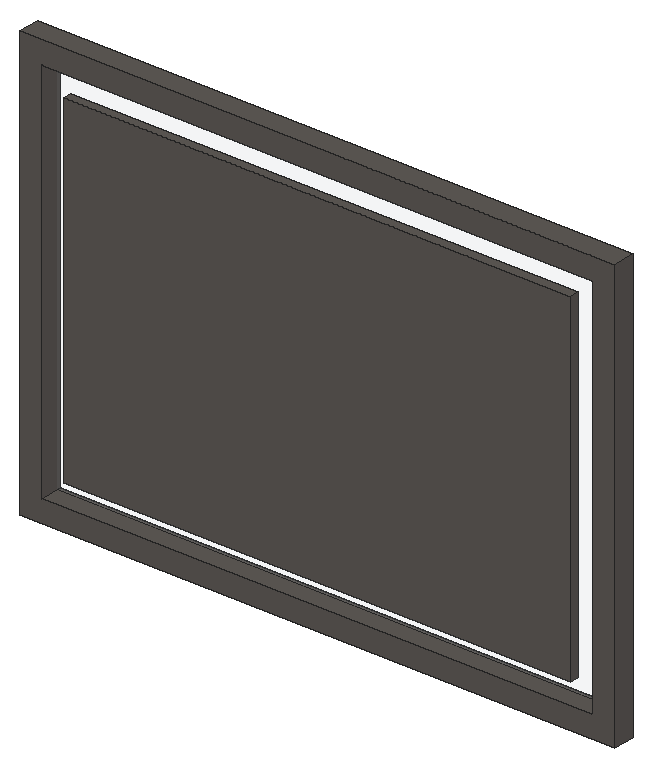
Revit family "Quadro paramétrico", category Generic Models, host Wall, Revit 2016
Family settings
  Host = Wall
  Part Type = Normal
  Can host rebar = No
  Round Connector Dimension = Use Diameter
  Always vertical = Yes
  Cut with Voids When Loaded = No
  Shared = No
  Room Calculation Point = No
Parameters (values of type "A1 Paisagem")
  Vidro protetor [instance] = yes
  Vidro = Glass
  Profundidade = 3 cm
  Moldura = moldura
  Largura = 81 cm
  Espessura vão interno = 3 cm
  Espessura moldura externa = 3 cm
  Altura = 59 cm
Types (5, lengths in cm): name | Largura | Espessura vão interno | Espessura moldura externa | Altura
  A4 Paisagem | 29 | 1 | 2 | 21
  A3 Paisagem | 42 | 1 | 2 | 29
  A1 Paisagem | 81 | 3 | 3 | 59
  A1 Retrato | 59 | 3 | 3 | 81
  A4 Retrato | 21 | 1 | 2 | 29
Reference planes (cm)
  plane 1: y = 0
  plane 2 "Center (Left/Right)": x = 0
  plane 3 "Wall Edge": y = 7.62
  plane 4: x = 40.5
  plane 5: x = -40.5
  plane 6: z = 255.4594
  plane 7: z = 196.4594
  plane 8: z = 225.9594
  plane 9: y = 10.62
Forms (cm)
  Extrusion 1, solid, material "moldura" <- "Moldura"
    sketch origin (0, 7.62, 0) x (1, 0, 0) y (0, 0, 1)
      loop
        line (-40.5, 255.4594) -> (-40.5, 196.4594) -> (40.5, 196.4594) -> (40.5, 255.4594) -> (-40.5, 255.4594)
      loop
        line (-37.5, 252.4594) -> (-37.5, 199.4594) -> (37.5, 199.4594) -> (37.5, 252.4594) -> (-37.5, 252.4594)
    from 0 to -3
  Extrusion 2, solid, material "moldura" <- "Moldura"
    sketch origin (0, 7.62, 0) x (1, 0, 0) y (0, 0, 1)
      loop
        line (-37.5, 252.4594) -> (-37.5, 199.4594) -> (37.5, 199.4594) -> (37.5, 252.4594) -> (-37.5, 252.4594)
    from 0 to -1.1284
  Extrusion 3, void
    sketch origin (0, 7.62, 0) x (1, 0, 0) y (0, 0, 1)
      loop
        line (37.5, 252.4594) -> (-37.5, 252.4594) -> (-37.5, 199.4594) -> (37.5, 199.4594) -> (37.5, 252.4594)
      loop
        line (34.5, 249.4594) -> (-34.5, 249.4594) -> (-34.5, 202.4594) -> (34.5, 202.4594) -> (34.5, 249.4594)
    from 0 to -1.1284
  Extrusion 4, solid, material "Glass" <- "Vidro", visible <- "Vidro protetor"
    sketch origin (0, 7.62, 0) x (1, 0, 0) y (0, 0, 1)
      loop
        line (37.5, 252.4594) -> (-37.5, 252.4594) -> (-37.5, 199.4594) -> (37.5, 199.4594) -> (37.5, 252.4594)
    from -3 to -2.5747
Cuts and joins
  Extrusion 3 cuts Extrusion 2
Text (cm)
  text "Placement Side" at (0, 101.9848, 312.4603), in view "Right"
  text "Placement Side" at (-178.7662, 72.3012, 0), in view "Ref. Level"
  text "Placement Side" at (0, 207.3289, 357.1227), in view "Left"
Dimensions and locks (cm)
  locked: plane 3 "Wall Edge" to host wall
  "Largura": plane 4 to plane 5
  "Altura": plane 7 to plane 6
  equal spacing: plane 4, plane 2 "Center (Left/Right)", plane 5
  equal spacing: plane 7, plane 8, plane 6
  "Profundidade": plane 9 to plane 3 "Wall Edge"
  "Espessura moldura externa": Extrusion 1 sketch curve to Extrusion 1 sketch curve  (x4)
  "Espessura vão interno": Extrusion 3 sketch curve to Extrusion 1  (x3)
  "Espessura vão interno": Extrusion 1 to Extrusion 3 sketch curve
  aligned and locked: Extrusion 1 to plane 9
  aligned and locked: Extrusion 2 sketch curve to Extrusion 1  (x4)
  aligned and locked: Extrusion 1 to Extrusion 2
  aligned and locked: Extrusion 3 sketch curve to Extrusion 1  (x4)
  aligned and locked: Extrusion 3 to cut or joined group of Extrusion 2, Extrusion 3
  aligned and locked: Extrusion 1 to cut or joined group of Extrusion 2, Extrusion 3
  aligned and locked: Extrusion 4 sketch curve to Extrusion 1  (x4)
  aligned and locked: Extrusion 4 to plane 9
Automatic sketch dimensions
  Extrusion 1 sketch curve to plane 5 = 0 cm
  Extrusion 1 sketch curve to plane 4 = 0 cm
  Extrusion 1 sketch curve to plane 7 = 0 cm
  Extrusion 1 sketch curve to plane 6 = 0 cm
